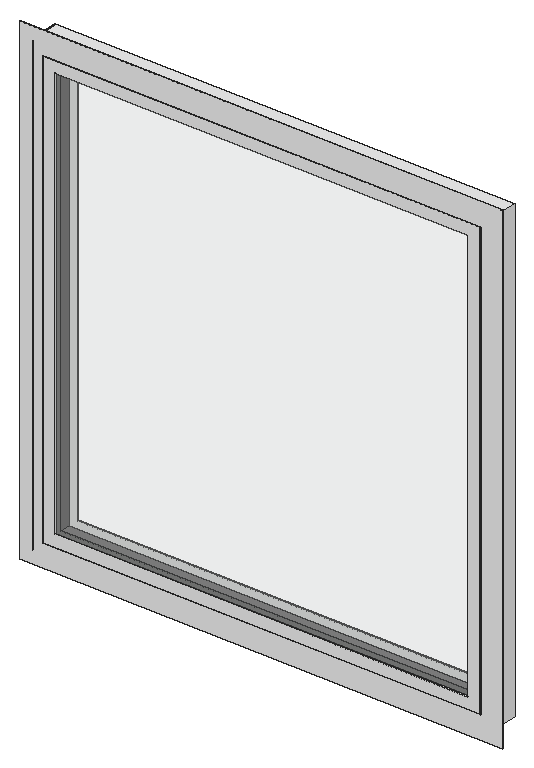
Revit family "Casement_30.5_A_Side_Hung_Standard", category Windows, host Wall, Revit 2014
Parameters (values of type "Casement_Sash_DG")
  Width Sash [instance] = 30 mm
  Width Sash Inner = 15 mm
  Width Bead = 15 mm
  Top Hung [instance] = yes
  Side Hung Right [instance] = yes
  Side Hung Left [instance] = yes
  Sash Opening Width [instance] = 600 mm
  Sash Opening Height [instance] = 600.312 mm
  Sash Lip = 15 mm
  Glazing Material [instance] = Glass
  DG Start Piece 2 [instance] = DG End Piece 1 + DG Gasket Thickness  # 25 mm
  DG Start Peice 1 [instance] = (Depth Sash - (2 * DG Glazing Thickness) - DG Gasket Thickness) / 2  # 6.6 mm
  Glazing Offset = 5 mm
  DG Glazing Thickness [instance] = 6.4 mm
  DG Gasket Thickness = 12 mm  # constant formula
  DG Gasket Material [instance] = Double Glazing Gasket Material
  DG End Piece 2 [instance] = DG Start Piece 2 + DG Glazing Thickness  # 31.4 mm
  DG End Piece 1 [instance] = DG Start Peice 1 + DG Glazing Thickness  # 13 mm
  Depth Sash [instance] = 38 mm
  Center Vertical Sash [instance] = Sash Opening Height / 2  # 300.156 mm
  Center Horizontal Sash [instance] = Sash Opening Width / 2  # 300 mm
  Bottom Hung [instance] = yes
  Bead Offset = 15 mm
  Aluminium Thickness = 1 mm
  Aluminium Material [instance] = White Powder Coated Aluminium
Reference planes
  plane 1 "Center (Front/Back)": y = 0
  plane 2: z = 0
  plane 3 "Center (Left/Right)": x = 0
Forms (mm)
  Sweep 1, solid, material "White Powder Coated Aluminium" <- "Aluminium Material"
    path origin (16.177, 0, 121.331) x (1, 0, 0) y (0, 0, 1)
      loop
        line (0, 0) -> (600, 0) -> (600, 600.312) -> (0, 600.312) -> (0, 0)
    profile origin (316.177, 0, 121.331) x (0, 0, 1) y (0, -1, 0)
      loop
        line (0, 0) -> (30, 0) -> (30, 1) -> (15, 1) -> (15, 38) -> (-15, 38) -> (-15, 37) -> (0, 37) -> (0, 0)
      loop
        line (14, 1) -> (14, 37) -> (1, 37) -> (1, 1) -> (14, 1)
  Sweep 2, solid, material "White Powder Coated Aluminium" <- "Aluminium Material"
    path origin (0, 0, 0) x (1, 0, 0) y (0, 0, 1)
      loop
        line (31.177, 706.643) -> (31.177, 136.331) -> (601.177, 136.331) -> (601.177, 706.643) -> (31.177, 706.643)
    profile origin (316.177, 0, 706.643) x (0, 0, 1) y (0, -1, 0)
      loop
        line (0, 37) -> (0, 38) -> (-15, 38) -> (-15, 37) -> (0, 37)
  Extrusion 3, solid, material "Glass" <- "Glazing Material"
    sketch origin (0, 0, 0) x (1, 0, 0) y (0, 0, 1)
      loop
        line (36.177, 701.643) -> (36.177, 141.331) -> (596.177, 141.331) -> (596.177, 701.643) -> (36.177, 701.643)
    from 6.6 <- "DG Start Peice 1" to 13 <- "DG End Piece 1"
  Extrusion 4, solid, material "Glass" <- "Glazing Material"
    sketch origin (0, 0, 0) x (1, 0, 0) y (0, 0, 1)
      loop
        line (36.177, 701.643) -> (36.177, 141.331) -> (596.177, 141.331) -> (596.177, 701.643) -> (36.177, 701.643)
    from 31.4 <- "DG End Piece 2" to 25 <- "DG Start Piece 2"
  Sweep 5, solid, material "Double Glazing Gasket Material" <- "DG Gasket Material"
    path origin (0, -13, 0) x (1, 0, 0) y (0, 0, 1)
      loop
        line (36.177, 701.643) -> (36.177, 141.331) -> (596.177, 141.331) -> (596.177, 701.643) -> (36.177, 701.643)
    profile origin (316.177, -13, 701.643) x (0, 0, 1) y (0, -1, 0)
      loop
        line (0, 0) -> (0, 12) -> (-7.96, 12) -> (-7.96, 0) -> (0, 0)
Lines and regions (mm)
  model lines
    curve 1: line (1.177, -38, 736.643) -> (31.177, -38, 706.643)
    curve 2: line (601.177, -38, 706.643) -> (631.177, -38, 736.643)
    curve 3: line (601.177, -38, 136.331) -> (631.177, -38, 106.331)
    curve 4: line (1.177, -38, 106.331) -> (31.177, -38, 136.331)
    curve 5: line (631.177, -37, 736.643) -> (616.177, -37, 721.643)
    curve 6: line (1.177, -37, 736.643) -> (16.177, -37, 721.643)
    curve 7: line (1.177, -37, 106.331) -> (16.177, -37, 121.331)
    curve 8: line (631.177, -37, 106.331) -> (616.177, -37, 121.331)
    curve 9: line (616.177, 0, 121.331) -> (586.177, 0, 151.331)
    curve 10: line (46.177, 0, 151.331) -> (16.177, 0, 121.331)
    curve 11: line (616.177, 0, 721.643) -> (586.177, 0, 691.643)
    curve 12: line (46.177, 0, 691.643) -> (16.177, 0, 721.643)
    curve 13: line (31.177, -38, 691.643) -> (46.177, -38, 691.643)
    curve 14: line (586.177, -38, 691.643) -> (601.177, -38, 691.643)
    curve 15: line (586.177, -38, 151.331) -> (601.177, -38, 151.331)
    curve 16: line (31.177, -38, 151.331) -> (46.177, -38, 151.331)
  model lines, style "GenericModelHiddenLines", visible <- "Top Hung"
    curve 17: line (46.386, -31.4, 690.914) -> (316.177, -31.4, 151.331)
    curve 18: line (316.177, -31.4, 151.331) -> (586.177, -31.4, 691.331)
  model lines, style "GenericModelHiddenLines", visible <- "Bottom Hung"
    curve 19: line (46.177, -31.4, 151.331) -> (316.177, -31.4, 691.331)
    curve 20: line (316.177, -31.4, 691.331) -> (586.177, -31.4, 151.331)
  model lines, style "GenericModelHiddenLines", visible <- "Side Hung Left"
    curve 21: line (46.386, -31.4, 690.914) -> (585.24, -31.4, 421.487)
    curve 22: line (585.24, -31.4, 421.487) -> (46.177, -31.4, 151.331)
  model lines, style "GenericModelHiddenLines", visible <- "Side Hung Right"
    curve 23: line (586.177, -31.4, 691.331) -> (46.177, -31.4, 421.487)
    curve 24: line (46.177, -31.4, 421.487) -> (586.177, -31.4, 151.331)
Dimensions and locks
  "Aluminium Thickness": Sweep 1 sketch curve to Sweep 1 sketch curve  (x4)
  "Depth Sash": Sweep 1 sketch curve to Sweep 1 sketch curve
  "Sash Opening Width": Sweep 1 to Sweep 1
  "Sash Opening Height": Sweep 1 to Sweep 1
  "Width Sash": Sweep 1 sketch curve to Sweep 1 sketch curve  (x2)
  "Width Sash Inner": Sweep 1 sketch curve to Sweep 1 sketch curve
  "Sash Lip": Sweep 1 sketch curve to Sweep 1 sketch curve
  "Aluminium Thickness": Sweep 1 to Sweep 2 sketch curve
  "Glazing Offset": Sweep 2 to Extrusion 3 sketch curve  (x3)
  "Glazing Offset": Extrusion 3 sketch curve to Sweep 2
  Sweep 1 to Sweep 1 = 1 mm
  "Aluminium Thickness": Sweep 2 sketch curve to Sweep 2 sketch curve
  "Width Bead": Sweep 2 sketch curve to Sweep 2 sketch curve
  locked: Sweep 5 sketch curve to Sweep 5 sketch curve at 7.96
  "Center Horizontal Sash": Sweep 1 to curve 18
  "Center Horizontal Sash": Sweep 1 to curve 20
  "Center Vertical Sash": Sweep 1 to curve 22
  "Center Vertical Sash": Sweep 1 to curve 24
  aligned and locked: level to plane 2
  aligned and locked: Sweep 1 sketch curve to Sweep 1 sketch curve  (x2)
  aligned and locked: Sweep 2 sketch curve to Sweep 1  (x5)
  aligned and locked: Extrusion 4 sketch curve to Extrusion 3  (x4)
  aligned and locked: Sweep 5 sketch curve to Extrusion 3  (x5)
  aligned and locked: Extrusion 3 to Sweep 5 sketch curve
Automatic sketch dimensions
  plane 3 "Center (Left/Right)" to Sweep 1 sketch curve = 16.177 mm
  level to Sweep 1 sketch curve = 121.331 mm
  plane 3 "Center (Left/Right)" to Sweep 1 sketch curve = 616.177 mm
  level to Sweep 1 sketch curve = 721.643 mm
  profile plane to Sweep 5 sketch curve = 12 mm
  curve 7 to Sweep 1 = 0 mm  (x4)
  curve 6 to Sweep 1 = 0 mm  (x3)
  Sweep 1 to curve 6 = 0 mm
  curve 5 to Sweep 1 = 0 mm  (x3)
  curve 8 to Sweep 1 = 0 mm  (x4)
  Sweep 1 to curve 5 = 0 mm
  curve 16 to Sweep 2 = 0 mm  (x3)
  curve 13 to Sweep 2 = 0 mm  (x3)
  curve 15 to Sweep 2 = 0 mm
  Sweep 2 to curve 15 = 0 mm  (x2)
  curve 14 to Sweep 2 = 0 mm  (x2)
  Sweep 2 to curve 14 = 0 mm
  curve 1 to Sweep 1 = 0 mm  (x4)
  curve 4 to Sweep 1 = 0 mm  (x3)
  Sweep 1 to curve 4 = 0 mm
  curve 3 to Sweep 1 = 0 mm  (x3)
  curve 2 to Sweep 1 = 0 mm  (x4)
  Sweep 1 to curve 3 = 0 mm
  curve 10 to Sweep 1 = 0 mm  (x4)
  curve 12 to Sweep 1 = 0 mm  (x3)
  Sweep 1 to curve 12 = 0 mm
  curve 9 to Sweep 1 = 0 mm  (x4)
  curve 11 to Sweep 1 = 0 mm  (x3)
  Sweep 1 to curve 11 = 0 mm
  Sweep 1 sketch curve to plane 1 "Center (Front/Back)" = 0 mm
  profile plane to Sweep 1 sketch curve = 0 mm
  curve 21 to Extrusion 4 = 10.208 mm
  curve 19 to Extrusion 4 = 10 mm
  curve 23 to Extrusion 4 = 10 mm  (x2)
  curve 22 to Extrusion 4 = 10.937 mm
  curve 20 to Extrusion 4 = 10 mm
  curve 24 to Extrusion 4 = 10 mm
  curve 22 to Extrusion 4 = 10 mm
  curve 18 to Extrusion 4 = 10 mm
  curve 21 to Extrusion 4 = 10.729 mm
  curve 19 to Extrusion 4 = 10.312 mm
  curve 18 to Extrusion 4 = 10.312 mm
Types in the file's own list only (6): name | Windload Design | Width Sash Opening | Width Sash | Width Profile | Width | URL | Offset Window Exterior | Max System DG Unit Thickness | Max System DG One Piece Thickness | Max Pane Area | Intruderprufe U Value | Intruderprufe SHGC Value | Intruderprufe LowE U Value | Intruderprufe LowE SHGC Value | Height | Energy Advantage U Value | Energy Advantage SHGC Value | DG Thickness Calc | DG Thickness | Custom Window Width | Custom Window Height | Window Exterior Offset | Custom Windload | Sash Width | Sash Height | Sash Spacing Inner | Sash Overlap | Sash Center Offset | SG Gasket Thickness | Offset Sash Left | Offset Sash 1 Top | Offset Bead SG Center Reversed | Model | Manufacturer | Limit Window Width Min | Limit Window Width Max | Limit Window Height Min | Limit Window Height Max | Limit Sash Width Min | Limit Sash Width Max | Limit Sash Height Min | Limit Sash Height Max | Height Sash 1 Opening | Height Sash | Double Glazing | Description | Frame Center Offset | Depth Bead | Default Sill Height | Wall Closure | DG Gasket Finish | DG Extrusion Start | Clearvue U Value | Clearvue SHGC Value | Casement Dimension | Bead SG Gap
  305-0609S-1000Pa | 1000 mm | 544 mm | 514 mm | 30 mm | 590 mm | "http://www.crealco.co.za/crealco-products.php" | 15 mm | 18 mm | 3 mm | 0.37 m² | 6 | 0.524 | 4.73 | 0.466 | 890 mm | 4.83 | 0.496 | 3 mm | 3 mm | 590 mm | 890 mm | 0 mm | 1000 mm | 544 mm | 844 mm | 8 mm | 7 mm | 12 mm | 6 mm | 23 mm | 23 mm | 15 mm | "Casement 30.5" | "Crealco" | 346 mm | 646 mm | 346 mm | 1246 mm | 300 mm | 600 mm | 300 mm | 1200 mm | 844 mm | 814 mm | No | "Window 30.5mm, Type A side hung" | 15 mm | 17 mm | 800 mm | By host | Double Glazing Gasket Material | 5 mm | 6.14 | 0.553 | 31 mm | 13 mm
  305-0612S-1000Pa | 1000 mm | 544 mm | 514 mm | 30 mm | 590 mm | "http://www.crealco.co.za/crealco-products.php" | 15 mm | 18 mm | 3 mm | 0.51 m² | 5.98 | 0.548 | 4.64 | 0.486 | 1190 mm | 4.74 | 0.518 | 3 mm | 3 mm | 590 mm | 1190 mm | 0 mm | 1000 mm | 544 mm | 1144 mm | 8 mm | 7 mm | 12 mm | 6 mm | 23 mm | 23 mm | 15 mm | "Casement 30.5" | "Crealco" | 346 mm | 646 mm | 346 mm | 1246 mm | 300 mm | 600 mm | 300 mm | 1200 mm | 1144 mm | 1114 mm | No | "Window 30.5mm, Type A side hung" | 15 mm | 17 mm | 800 mm | By host | Double Glazing Gasket Material | 5 mm | 6.11 | 0.578 | 31 mm | 13 mm
  305-0609S-1500Pa | 1500 mm | 544 mm | 514 mm | 30 mm | 590 mm | "http://www.crealco.co.za/crealco-products.php" | 15 mm | 18 mm | 3 mm | 0.37 m² | 6 | 0.524 | 4.73 | 0.466 | 890 mm | 4.83 | 0.496 | 3 mm | 3 mm | 590 mm | 890 mm | 0 mm | 1500 mm | 544 mm | 844 mm | 8 mm | 7 mm | 12 mm | 6 mm | 23 mm | 23 mm | 15 mm | "Casement 30.5" | "Crealco" | 346 mm | 646 mm | 346 mm | 1246 mm | 300 mm | 600 mm | 300 mm | 1200 mm | 844 mm | 814 mm | No | "Window 30.5mm, Type A side hung" | 15 mm | 17 mm | 800 mm | By host | Double Glazing Gasket Material | 5 mm | 6.14 | 0.553 | 31 mm | 13 mm
  305-0609S-2000Pa | 2000 mm | 544 mm | 514 mm | 30 mm | 590 mm | "http://www.crealco.co.za/crealco-products.php" | 15 mm | 18 mm | 3 mm | 0.37 m² | 6 | 0.524 | 4.73 | 0.466 | 890 mm | 4.83 | 0.496 | 3 mm | 3 mm | 590 mm | 890 mm | 0 mm | 2000 mm | 544 mm | 844 mm | 8 mm | 7 mm | 12 mm | 6 mm | 23 mm | 23 mm | 15 mm | "Casement 30.5" | "Crealco" | 346 mm | 646 mm | 346 mm | 1246 mm | 300 mm | 600 mm | 300 mm | 1200 mm | 844 mm | 814 mm | No | "Window 30.5mm, Type A side hung" | 15 mm | 17 mm | 800 mm | By host | Double Glazing Gasket Material | 5 mm | 6.14 | 0.553 | 31 mm | 13 mm
  305-0612S-1500Pa | 1500 mm | 544 mm | 514 mm | 30 mm | 590 mm | "http://www.crealco.co.za/crealco-products.php" | 15 mm | 18 mm | 3 mm | 0.51 m² | 5.98 | 0.548 | 4.64 | 0.486 | 1190 mm | 4.74 | 0.518 | 3 mm | 3 mm | 590 mm | 1190 mm | 0 mm | 1500 mm | 544 mm | 1144 mm | 8 mm | 7 mm | 12 mm | 6 mm | 23 mm | 23 mm | 15 mm | "Casement 30.5" | "Crealco" | 346 mm | 646 mm | 346 mm | 1246 mm | 300 mm | 600 mm | 300 mm | 1200 mm | 1144 mm | 1114 mm | No | "Window 30.5mm, Type A side hung" | 15 mm | 17 mm | 800 mm | By host | Double Glazing Gasket Material | 5 mm | 6.11 | 0.578 | 31 mm | 13 mm
  305-0612S-2000Pa | 2000 mm | 544 mm | 514 mm | 30 mm | 590 mm | "http://www.crealco.co.za/crealco-products.php" | 15 mm | 18 mm | 3 mm | 0.51 m² | 5.98 | 0.548 | 4.64 | 0.486 | 1190 mm | 4.74 | 0.518 | 3 mm | 3 mm | 590 mm | 1190 mm | 0 mm | 2000 mm | 544 mm | 1144 mm | 8 mm | 7 mm | 12 mm | 6 mm | 23 mm | 23 mm | 15 mm | "Casement 30.5" | "Crealco" | 346 mm | 646 mm | 346 mm | 1246 mm | 300 mm | 600 mm | 300 mm | 1200 mm | 1144 mm | 1114 mm | No | "Window 30.5mm, Type A side hung" | 15 mm | 17 mm | 800 mm | By host | Double Glazing Gasket Material | 5 mm | 6.11 | 0.578 | 31 mm | 13 mm
